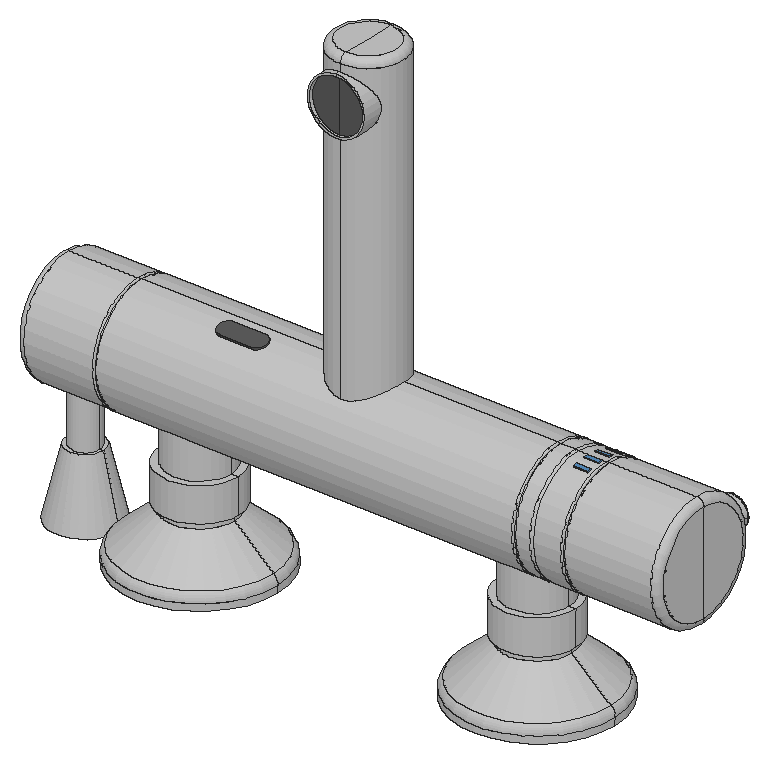
Revit family "Plumbing-Fix_Faucet-Touchless_Stern_Medical-T", category Plumbing Fixtures, host Face, Revit 2022
Family settings
  Host = Face
  Round Connector Dimension = Use Diameter
  Part Type = Normal
  OmniClass Number = 23.45.55.14
  OmniClass Title = Single Faucets
  Cut with Voids When Loaded = No
  Maintain Annotation Orientation = No
  Shared = No
  Room Calculation Point = No
Parameters (values of type "1.58 GPM")
  Water Temperature Ring Color [instance] = Finish - Stern - Cold Water
  Waste Connection = no
  Warranty Duration (Years) = 2
  WFU = 0
  Vent Connection = no
  Unit Width = 0' - 11 1/2"
  Unit Height = 0' - 9 1/4"
  URL = "http://www.sternfaucets.com/"
  Type Comments = "as Specified"
  Standards Conformance = "as Specified"
  Spout Reach = 0' - 8 1/2"
  Spout Height = 0' - 0"
  Specification = ""
  SpecWizard = ""
  Sales Information = "http://www.sternfaucets.com/contact-us/contact-us-int-l.html"
  Revision = "R1_2018-04"
  Product Properties = ""
  Product Features = "as Specified"
  Product Data = "http://www.arcat.com/arcatcos/cos50/arc50092.html"
  Power Supply = "9V Transformer"
  Piping_Inlet Diameter = 3/4"
  Piping_Flow = 1.58 GPM
  Operating Temperature Range = "Up to 149 F / 65 C"
  Operating Pressure Range = "7.26 - 116 PSI  ;  0.5 - 8 bar"
  Model = "Medical 1000 TE"
  Manufacturer Website = "http://www.sternfaucets.com/"
  Manufacturer Phone - Toll Free = "800-436-4410"
  Manufacturer Phone = ""
  Manufacturer Fax = ""
  Manufacturer Address = "777 Passaic Ave.  Clifton, NJ 07012"
  Manufacturer = "Stern Engineering"
  Maintenance Schedule (Months) = 0
  Keynote = "22 40 00"
  Installation Phase = ""
  HWFU = 1
  HW Connection = yes
  Green Building-LEED = ""
  Fixture Finish [instance] = Finish - Stern - Chrome
  Expected Lifespan (Years) = 0
  Drawn By = "Sumex Design, Inc. / Robert S. Weygant, CSI, CDT, SCIP"
  Description = "Stern Touchless Wall Mounted Medical Mixing Faucet - Medical 1000 TE as Specified"
  Default Elevation = 0' - 0"
  Cost = 0
  Copyright = "©Arcat Inc."
  Construction Details = ""
  CWFU = 1
  CW Connection = yes
  Body Construction = "Brass"
  Available Options = "as Specified"
  Assembly Code = "D2010300"
  Accent Color [instance] = Finish - Stern - Black
Types (5): name | Piping_Flow
  1.58 GPM | 1.58 GPM
  1 GPM | 1 GPM
  0.8 GPM | 0.8 GPM
  0.5 GPM | 0.5 GPM
  0.35 GPM | 0.35 GPM
Reference planes (in)
  plane 1 "Center (Front/Back)": y = 0
  plane 2: z = 0
  plane 3 "Center (Left/Right)": x = 0
  plane 4: x = -2.95312
  plane 5: x = 2.95313
  plane 6: x = -4.95312
  plane 7: z = 8.5
Forms (in)
  Extrusion 1, void
    sketch origin (0, 0, 0) x (1, 0, 0) y (0, 1, 0)
      loop
        circle (-3.01562, 0) r 0.625
      loop
        circle (2.9892, 0) r 0.625
    from 0 to -1.44157
  Revolve 2, solid, material "Finish - Stern - Chrome" <- "Fixture Finish"
    sketch origin (0, 0, 0) x (1, 0, 0) y (0, 0, 1)
      loop
        line (-2.95312, 0) -> (-2.95312, 3.08747) -> (-3.51027, 3.08747) -> (-3.51027, 1.58747) -> (-3.63587, 1.58747) -> (-3.63587, 0.98458) -> (-3.56364, 0.98458) -> (-3.56364, 0.87087) -> (-4.2464, 0.27736)
        arc (-4.2464, 0.27736) -> (-4.29951, 0.20623) -> (-4.31835, 0.11948) r 0.20919
        line (-4.31835, 0.11948) -> (-4.31835, 0) -> (-2.95312, 0)
      axis (-2.95312, 0) -> (-2.95312, 3.08747)
    angle from 0 to 360
  Revolve 3, solid, material "Finish - Stern - Chrome" <- "Fixture Finish"
    sketch origin (5.90625, 0, 0) x (1, 0, 0) y (0, 0, 1)
      loop
        line (-2.95312, 0) -> (-2.95312, 3.08747) -> (-3.51027, 3.08747) -> (-3.51027, 1.58747) -> (-3.63587, 1.58747) -> (-3.63587, 0.98458) -> (-3.56364, 0.98458) -> (-3.56364, 0.87087) -> (-4.2464, 0.27736)
        arc (-4.2464, 0.27736) -> (-4.29951, 0.20623) -> (-4.31835, 0.11948) r 0.20919
        line (-4.31835, 0.11948) -> (-4.31835, 0) -> (-2.95312, 0)
      axis (-2.95312, 0) -> (-2.95312, 3.08747)
    angle from 0 to 360
  Revolve 4, solid, material "Finish - Stern - Chrome" <- "Fixture Finish"
    sketch origin (-0.54552, 0, -7.57632) x (0, 0, 1) y (-1, 0, 0)
      loop
        line (7.57632, 4.4076) -> (10.68539, 4.4076) -> (10.68539, 4.65748) -> (8.73971, 4.65748) -> (8.73971, 4.72544) -> (7.57632, 5.01551) -> (7.57632, 4.4076)
      axis (7.57632, 4.4076) -> (10.68539, 4.4076)
    angle from 0 to 360
  Revolve 5, solid, material "Finish - Stern - Chrome" <- "Fixture Finish"
    sketch origin (0, 0, 0) x (1, 0, 0) y (0, 0, 1)
      loop
        line (-5.36188, 3.08747) -> (5.86448, 3.08747) -> (5.86448, 3.96247)
        arc (5.86448, 3.96247) -> (5.82787, 4.05086) -> (5.73948, 4.08747) r 0.125
        line (5.73948, 4.08747) -> (4.23195, 4.08747)
        arc (4.23195, 4.08747) -> (4.20985, 4.07832) -> (4.2007, 4.05622) r 0.03125
        arc (4.2007, 4.05622) -> (4.19154, 4.07832) -> (4.16945, 4.08747) r 0.03125
        line (4.16945, 4.08747) -> (3.68898, 4.08747) -> (3.68898, 4.02163)
        arc (3.68898, 4.02163) -> (3.66969, 4.06819) -> (3.62314, 4.08747) r 0.06584
        line (3.62314, 4.08747) -> (3.37314, 4.08747)
        arc (3.37314, 4.08747) -> (3.35104, 4.07832) -> (3.34189, 4.05622) r 0.03125
        arc (3.34189, 4.05622) -> (3.33274, 4.07832) -> (3.31064, 4.08747) r 0.03125
        line (3.31064, 4.08747) -> (-3.96793, 4.08747)
        arc (-3.96793, 4.08747) -> (-3.99003, 4.07832) -> (-3.99918, 4.05622) r 0.03125
        arc (-3.99918, 4.05622) -> (-4.00834, 4.07832) -> (-4.03043, 4.08747) r 0.03125
        line (-4.03043, 4.08747) -> (-5.23688, 4.08747)
        arc (-5.23688, 4.08747) -> (-5.32527, 4.05086) -> (-5.36188, 3.96247) r 0.125
        line (-5.36188, 3.96247) -> (-5.36188, 3.08747)
      axis (5.86448, 3.08747) -> (-5.36188, 3.08747)
    angle from 0 to 360
  Revolve 6, solid, material "Finish - Stern - Chrome" <- "Fixture Finish"
    sketch origin (0, -3.14997, 3.08747) x (1, 0, 0) y (0, 1, 0)
      loop
        line (5.26973, 3.87144) -> (5.26973, 4.54261) -> (5.02001, 4.54261)
        arc (5.02001, 4.54261) -> (4.99791, 4.53346) -> (4.98876, 4.51136) r 0.03125
        line (4.98876, 4.51136) -> (4.98876, 3.87144) -> (5.26973, 3.87144)
      axis (5.26973, 4.54261) -> (5.26973, 3.87144)
    angle from 0 to 360
  Extrusion 7, solid, material "Finish - Stern - Cold Water" <- "Water Temperature Ring Color"
    sketch origin (0, -2.87716, 2.20772) x (1, 0, 0) y (0, 0.965926, 0.258819)
      loop
        line (3.85087, 3.01583) -> (3.85087, 2.94147) -> (4.10087, 2.94147) -> (4.10087, 3.01583) -> (3.85087, 3.01583)
    from 0 to 1.11157
  Extrusion 8, solid, material "Finish - Stern - Cold Water" <- "Water Temperature Ring Color"
    sketch origin (0, -2.97457, 2.82276) x (1, 0, 0) y (0, 0.99863, 0.052336)
      loop
        line (3.85087, 3.01583) -> (3.85087, 2.94147) -> (4.10087, 2.94147) -> (4.10087, 3.01583) -> (3.85087, 3.01583)
    from 0 to 1.11157
  Extrusion 9, solid, material "Finish - Stern - Cold Water" <- "Water Temperature Ring Color"
    sketch origin (0, -2.94198, 3.44462) x (1, 0, 0) y (0, 0.987688, -0.156434)
      loop
        line (3.85087, 3.01583) -> (3.85087, 2.94147) -> (4.10087, 2.94147) -> (4.10087, 3.01583) -> (3.85087, 3.01583)
    from 0 to 1.11157
  Extrusion 10, solid, material "Finish - Stern - Cold Water" <- "Water Temperature Ring Color"
    sketch origin (0, -2.76176, 4.09447) x (1, 0, 0) y (0, 0.927184, -0.374607)
      loop
        line (3.85087, 3.01583) -> (3.85087, 2.94147) -> (4.10087, 2.94147) -> (4.10087, 3.01583) -> (3.85087, 3.01583)
    from 0 to 1.10437
  Extrusion 11, solid, material "Finish - Stern - Cold Water" <- "Water Temperature Ring Color"
    sketch origin (0, -2.46941, 4.64429) x (1, 0, 0) y (0, 0.829038, -0.559193)
      loop
        line (3.85087, 3.01583) -> (3.85087, 2.94147) -> (4.10087, 2.94147) -> (4.10087, 3.01583) -> (3.85087, 3.01583)
    from 0 to 1.09418
  Extrusion 12, solid, material "Finish - Stern - Cold Water" <- "Water Temperature Ring Color"
    sketch origin (0, -2.03144, 5.1571) x (1, 0, 0) y (0, 0.681998, -0.731354)
      loop
        line (3.85087, 3.01583) -> (3.85087, 2.94147) -> (4.10087, 2.94147) -> (4.10087, 3.01583) -> (3.85087, 3.01583)
    from 0 to 1.07702
  Extrusion 13, solid, material "Finish - Stern - Black" <- "Accent Color"
    sketch origin (0, -2.3129, 1.89917) x (1, 0, 0) y (0, 0.965926, 0.258819)
      loop
        arc (-2.24227, 2.65802) -> (-2.39477, 2.50552) -> (-2.24227, 2.35302) r 0.1525
        line (-2.24227, 2.35302) -> (-1.68891, 2.35302)
        arc (-1.68891, 2.35302) -> (-1.53641, 2.50552) -> (-1.68891, 2.65802) r 0.1525
        line (-1.68891, 2.65802) -> (-2.24227, 2.65802)
    from 1.37077 to 1.55347
  Revolve 14, solid, material "Finish - Stern - Chrome" <- "Fixture Finish"
    sketch origin (0, 0, 0) x (0, 1, 0) y (0, 0, 1)
      loop
        line (-0.61169, 3.02949) -> (0, 3.02949) -> (0, 9.25) -> (-0.48669, 9.25)
        arc (-0.48669, 9.25) -> (-0.57508, 9.21339) -> (-0.61169, 9.125) r 0.125
        line (-0.61169, 9.125) -> (-0.61169, 3.02949)
      axis (0, 9.25) -> (0, 3.02949)
    angle from 0 to 360
  Revolve 15, solid, material "Finish - Stern - Chrome" <- "Fixture Finish"
    sketch origin (0, 0, -0.09178) x (0, 1, 0) y (0, 0, 1)
      loop
        line (-0.70428, 9.09178) -> (-0.70428, 9.05726) -> (-0.65192, 9.05726) -> (-0.65192, 8.59178) -> (0, 8.59178) -> (0, 9.09178) -> (-0.70428, 9.09178)
      axis (0, 8.59178) -> (-0.70428, 8.59178)
    angle from 0 to 360
Cuts and joins
  joined: Revolve 5, Revolve 6
Dimensions and locks (in)
  equal spacing: plane 5, plane 3 "Center (Left/Right)", plane 4
  locked: plane 5 to plane 4 at 5.90625
  locked: plane 4 to plane 6 at 2
  aligned and locked: plane 2 to host face
  aligned and locked: level to host face
Automatic sketch dimensions
  host sketch curve to host sketch curve = 8' - 0"  (x2)
  plane 1 "Center (Front/Back)" to Extrusion 1 sketch curve = 0' - 0"  (x2)
  Extrusion 1 sketch curve to plane 4 = 0' - 0 1/16"
  plane 5 to Extrusion 1 sketch curve = 0' - 0.03608"
  Revolve 2 sketch curve to level = 0' - 0"
  Revolve 2 sketch curve to plane 4 = 0' - 0"  (x2)
  Revolve 2 sketch curve to Revolve 2 sketch curve = 0' - 0.55714"
  Revolve 2 sketch curve to Revolve 2 sketch curve = 0' - 0.05337"
  Revolve 2 sketch curve to Revolve 2 sketch curve = 0' - 0.07223"
  level to Revolve 2 sketch curve = 0' - 0.11948"
  Revolve 2 sketch curve to plane 6 = 0' - 0.84397"
  level to Revolve 2 sketch curve = 0' - 0 71/256"
  Revolve 2 sketch curve to Revolve 2 sketch curve = 0' - 0.13724"
  level to Revolve 2 sketch curve = 0' - 0.87087"
  Revolve 2 sketch curve to Revolve 2 sketch curve = 0' - 0.1137"
  Revolve 2 sketch curve to Revolve 2 sketch curve = 0' - 0.6029"
  Revolve 2 sketch curve to Revolve 2 sketch curve = 0' - 1 1/2"
  Revolve 2 sketch curve to level = 0' - 0.36227"
  Revolve 2 sketch curve to Revolve 2 sketch curve = 0' - 0.15456"
  Revolve 3 sketch curve to level = 0' - 0"
  Revolve 3 sketch curve to plane 5 = 0' - 0"  (x2)
  Revolve 3 sketch curve to Revolve 3 sketch curve = 0' - 0.55714"
  Revolve 3 sketch curve to Revolve 3 sketch curve = 0' - 0.05337"
  Revolve 3 sketch curve to Revolve 3 sketch curve = 0' - 0.07223"
  level to Revolve 3 sketch curve = 0' - 0.11948"
  Revolve 3 sketch curve to Revolve 3 sketch curve = 0' - 0.54552"
  level to Revolve 3 sketch curve = 0' - 0 71/256"
  Revolve 3 sketch curve to Revolve 3 sketch curve = 0' - 0.13724"
  level to Revolve 3 sketch curve = 0' - 0.87087"
  Revolve 3 sketch curve to Revolve 3 sketch curve = 0' - 0.1137"
  Revolve 3 sketch curve to Revolve 3 sketch curve = 0' - 0.6029"
  Revolve 3 sketch curve to Revolve 3 sketch curve = 0' - 1 1/2"
  Revolve 3 sketch curve to level = 0' - 0.36227"
  Revolve 3 sketch curve to Revolve 3 sketch curve = 0' - 0.15456"
  plane 6 to Revolve 4 sketch curve = 0' - 0"  (x2)
  Revolve 4 sketch curve to level = 0' - 0"
  plane 6 to Revolve 4 sketch curve = 0' - 0.31784"
  level to Revolve 4 sketch curve = 0' - 1.16339"
  Revolve 4 sketch curve to Revolve 4 sketch curve = 0' - 1.94568"
  plane 6 to Revolve 4 sketch curve = 0' - 0.24988"
  plane 6 to Revolve 4 sketch curve = 0' - 0.60791"
  Revolve 4 sketch curve to Revolve 4 sketch curve = 0' - 0.05286"
  Revolve 4 sketch curve to Revolve 4 sketch curve = 0' - 0.08199"
  plane 6 to Revolve 5 sketch curve = 0' - 0.40875"
  Revolve 5 sketch curve to Revolve 5 sketch curve = 0' - 0 1/8"  (x2)
  Revolve 5 sketch curve to plane 6 = 0' - 0.92269"
  Revolve 5 sketch curve to Revolve 5 sketch curve = 0' - 0 1/16"  (x3)
  plane 5 to Revolve 5 sketch curve = 0' - 0.35751"
  Revolve 5 sketch curve to Revolve 5 sketch curve = 0' - 0 1/4"
  Revolve 5 sketch curve to Revolve 5 sketch curve = 0' - 0.06584"  (x2)
  Revolve 5 sketch curve to Revolve 5 sketch curve = 0' - 0 123/256"
  Revolve 5 sketch curve to Revolve 5 sketch curve = 0' - 1.50753"
  level to Revolve 5 sketch curve = 0' - 3.08747"
  Revolve 5 sketch curve to Revolve 5 sketch curve = 0' - 0 7/8"  (x2)
  Revolve 5 sketch curve to Revolve 5 sketch curve = 0' - 0 1/32"  (x5)
  Revolve 5 sketch curve to Revolve 5 sketch curve = 0' - 0"  (x4)
  Revolve 5 sketch curve to Revolve 5 sketch curve = 0' - 2.37785"
  Revolve 5 sketch curve to Revolve 5 sketch curve = 0' - 1.14579"
  plane 5 to Revolve 6 sketch curve = 0' - 2.03564"
  Revolve 6 sketch curve to Revolve 6 sketch curve = 0' - 0 1/32"
  Revolve 6 sketch curve to Revolve 6 sketch curve = 0' - 0.24972"
  Revolve 6 sketch curve to plane 1 "Center (Front/Back)" = 0' - 0.72147"
  Revolve 6 sketch curve to Revolve 6 sketch curve = 0' - 0.63992"
  Revolve 6 sketch curve to Revolve 6 sketch curve = 0' - 0"
  Revolve 6 sketch curve to Revolve 6 sketch curve = 0' - 0.14592"
  Revolve 6 sketch curve to Revolve 6 sketch curve = 0' - 0.06709"
  plane 5 to Extrusion 7 sketch curve = 0' - 0.89774"
  Extrusion 7 sketch curve to Extrusion 7 sketch curve = 0' - 0 1/4"
  Extrusion 7 sketch curve to Extrusion 7 sketch curve = 0' - 0.07436"
  plane 5 to Extrusion 8 sketch curve = 0' - 0.89774"
  Extrusion 8 sketch curve to Extrusion 8 sketch curve = 0' - 0 1/4"
  Extrusion 8 sketch curve to Extrusion 8 sketch curve = 0' - 0.07436"
  plane 5 to Extrusion 9 sketch curve = 0' - 0.89774"
  Extrusion 9 sketch curve to Extrusion 9 sketch curve = 0' - 0 1/4"
  Extrusion 9 sketch curve to Extrusion 9 sketch curve = 0' - 0.07436"
  plane 5 to Extrusion 10 sketch curve = 0' - 0.89774"
  Extrusion 10 sketch curve to Extrusion 10 sketch curve = 0' - 0 1/4"
  Extrusion 10 sketch curve to Extrusion 10 sketch curve = 0' - 0.07436"
  plane 5 to Extrusion 11 sketch curve = 0' - 0.89774"
  Extrusion 11 sketch curve to Extrusion 11 sketch curve = 0' - 0 1/4"
  Extrusion 11 sketch curve to Extrusion 11 sketch curve = 0' - 0.07436"
  plane 5 to Extrusion 12 sketch curve = 0' - 0.89774"
  Extrusion 12 sketch curve to Extrusion 12 sketch curve = 0' - 0 1/4"
  Extrusion 12 sketch curve to Extrusion 12 sketch curve = 0' - 0.07436"
  plane 4 to Extrusion 13 sketch curve = 0' - 0.71086"
  Extrusion 13 sketch curve to Extrusion 13 sketch curve = 0' - 0.55336"
  Extrusion 13 sketch curve to Extrusion 13 sketch curve = 0' - 0.1525"
  Extrusion 13 sketch curve to Extrusion 13 sketch curve = 0' - 0"
  Revolve 15 sketch curve to plane 1 "Center (Front/Back)" = 0' - 0"
  plane 1 "Center (Front/Back)" to Revolve 15 sketch curve = 0' - 0.65192"
  Revolve 15 sketch curve to Revolve 15 sketch curve = 0' - 0.05237"
  level to Revolve 15 sketch curve = 0' - 8 1/2"
  Revolve 15 sketch curve to Revolve 15 sketch curve = 0' - 0.46549"  (x2)
  Revolve 15 sketch curve to Revolve 15 sketch curve = 0' - 1.75111"
  Revolve 15 sketch curve to Revolve 15 sketch curve = 0' - 0.03451"
  Revolve 15 sketch curve to Revolve 15 sketch curve = 0' - 0.84698"
  Revolve 14 sketch curve to plane 1 "Center (Front/Back)" = 0' - 0"  (x2)
  plane 1 "Center (Front/Back)" to Revolve 14 sketch curve = 0' - 0.48669"
  Revolve 14 sketch curve to Revolve 14 sketch curve = 0' - 0 1/8"
  level to Revolve 14 sketch curve = 0' - 3.02949"
  Revolve 14 sketch curve to plane 7 = 0' - 0 5/8"
  Revolve 14 sketch curve to Revolve 14 sketch curve = 0' - 0.87617"
  Revolve 14 sketch curve to Revolve 14 sketch curve = 0' - 0.30787"
  radius of Extrusion 1 sketch curve = 0' - 0 5/8"  (x2)
Connectors (in)
  electrical at (-4.95312, 0, 0)
    settings: on Revolve 4, index 1, voltage 0 V, apparent load 0 VA, apparent load phase1 0 VA, apparent load phase2 0 VA, apparent load phase3 0 VA, power factor 1, load classification "Other", number of poles 1, system type 13, power factor state 1, is connector primary yes, connector utility no, sub classification motor no, connector description ""
  piping at (-2.95312, 0, 0), diameter 0.75, driven by "Piping_Flow", driven by "Piping_Inlet Diameter"
    settings: on Revolve 2, index 2, connector inside diameter 24", connector length 0' - 0", flow factor 0, pipe flow 1.58 GPM, pressure drop 0.00 psi, fitting loss kfactor 0, connector angle 0.00°, fixture units 0, engagement length 0' - 0", angle of deflection 0.00°, flow configuration 0, flow direction 1, fitting loss method 0, system type 19, joint type 0, gender type 0, connector reference index -1, connector utility 0, adjustable connector no, is connector primary yes, connector description "HW Inlet"
  piping at (2.95313, 0, 0), diameter 0.75, driven by "Piping_Flow", driven by "Piping_Inlet Diameter"
    settings: on Revolve 3, index 3, connector inside diameter 24", connector length 0' - 0", flow factor 0, pipe flow 1.58 GPM, pressure drop 0.00 psi, fitting loss kfactor 0, connector angle 0.00°, fixture units 0, engagement length 0' - 0", angle of deflection 0.00°, flow configuration 0, flow direction 1, fitting loss method 0, system type 20, joint type 0, gender type 0, connector reference index -1, connector utility 0, adjustable connector no, is connector primary no, connector description "CW Inlet"
